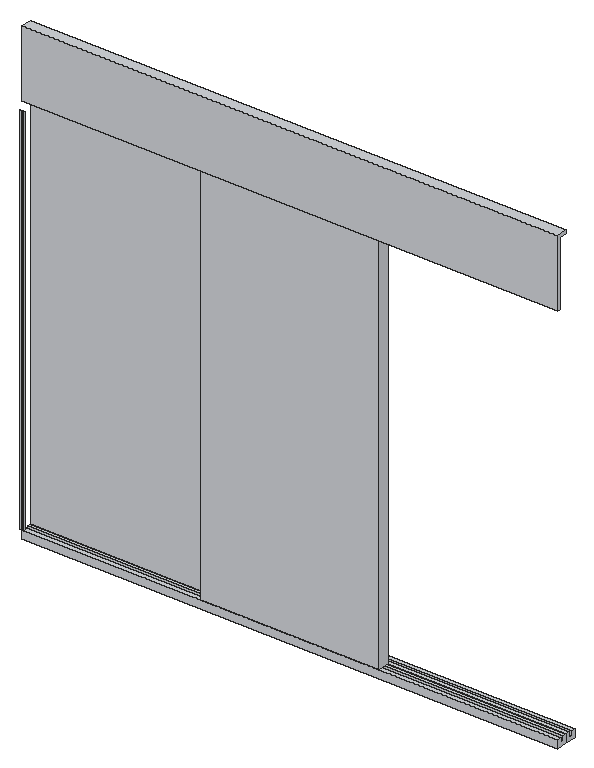
Revit family "Side Opening_2 Panels", category Generic Models, Revit 2021
Family settings
  Can host rebar = No
  Round Connector Dimension = Use Diameter
  Part Type = Normal
  Work Plane-Based = No
  Always vertical = Yes
  Cut with Voids When Loaded = No
  Shared = No
  Room Calculation Point = No
Parameters
  track width = Door Width * 3  # 3000 mm
  sill-track width = (sill thickness - sill track gap) / 2  # 22 mm
  sill track gap = 16 mm
  sill thickness = 60 mm
  header width = track width  # 3000 mm
  header thickness = 60 mm
  header frame thickness = 20 mm
  framing width = 12 mm
  frame thickness = 61 mm
  door thickness = 60 mm
  Photocell = yes
  OperationType = "Not vertically Sliding, side opening"
  Number of Panels = 2
  Mechanical Safety Edge = yes
  Light Curtain/Photocell Model = "Bca888"
  Light Curtain/Photocell Brand = "BCA"
  Light Curtain = yes
  DoorLockOpenableFromPit = yes
  Door Width = 1000 mm
  Door Height = 2150 mm
  Default Elevation = 0 mm
  Car Door Operator Model = "BCA44"
  Car Door Operator Brand = "BCA"
Reference planes
  plane 1 "Center (Front/Back)": y = 0
  plane 2: z = 0
  plane 3 "Center (Left/Right)": x = 0
Forms (mm)
  Extrusion 1, solid
    sketch origin (0, 0, 0) x (0, 1, 0) y (0, 0, 1)
      loop
        line (0, 0) -> (0, -45) -> (60, -45) -> (60, 0) -> (38, 0) -> (38, -23.462) -> (22, -23.462) -> (22, 0) -> (0, 0)
    from 0 to 3000
  Extrusion 2, solid
    sketch origin (0, 0, 0) x (1, 0, 0) y (0, 0, 1)
      loop
        line (0, 0) -> (1000, 0) -> (1000, 2150) -> (0, 2150) -> (0, 0)
    from -60 to -120
  Extrusion 3, solid
    sketch origin (0, 0, 0) x (1, 0, 0) y (0, 0, 1)
      loop
        line (0, 2100) -> (0, 0) -> (12, 0) -> (12, 2100) -> (0, 2100)
    from 0 to 1
  Extrusion 4, solid
    sketch origin (0, 0, 0) x (-1, 0, 0) y (0, 0, -1)
      loop
        line (0, -2100) -> (12, -2100) -> (12, 0) -> (0, 0) -> (0, -2100)
    from 0 to 1
  Extrusion 5, solid
    sketch origin (0, 0, 0) x (0, 1, 0) y (0, 0, 1)
      loop
        line (-1, 2150) -> (19, 2150) -> (19, 2510) -> (59, 2510) -> (59, 2530) -> (-1, 2530) -> (-1, 2150)
    from 0 to 3000
  Extrusion 6, solid
    sketch origin (0, 62.5, 0) x (0, 1, 0) y (0, 0, 1)
      loop
        line (-2.5, 0) -> (-2.5, -45) -> (57.5, -45) -> (57.5, 0) -> (35.5, 0) -> (35.5, -23.462) -> (19.5, -23.462) -> (19.5, 0) -> (-2.5, 0)
    from 0 to 3000
  Extrusion 7, solid
    sketch origin (835, 0, 0) x (1, 0, 0) y (0, 0, 1)
      loop
        line (165, 0) -> (1165, 0) -> (1165, 2150) -> (165, 2150) -> (165, 0)
    from 0 to -60
Dimensions and locks
  "sill thickness": Extrusion 1 to Extrusion 1
  "sill track gap": Extrusion 1 to Extrusion 1
  "sill-track width": Extrusion 1 to Extrusion 1
  Extrusion 1 to Extrusion 1 = 22 mm
  "Door Height": Extrusion 2 to Extrusion 2
  "Door Width": Extrusion 2 to Extrusion 2
  "framing width": Extrusion 3 to Extrusion 3
  "framing width": Extrusion 4 to Extrusion 4
  "header frame thickness": Extrusion 5 to Extrusion 5  (x2)
  "header thickness": Extrusion 5 to Extrusion 5
  "track width": Extrusion 1 to Extrusion 1
  "header width": Extrusion 5 to Extrusion 5
  Extrusion 6 to Extrusion 6 = 3000 mm
  "sill thickness": Extrusion 6 to plane 1 "Center (Front/Back)"
  "sill thickness": Extrusion 6 to Extrusion 6
  "sill track gap": Extrusion 6 to Extrusion 6
  "sill-track width": Extrusion 6 to Extrusion 6
  "Door Width": Extrusion 7 to Extrusion 7
  "track width": Extrusion 6 to Extrusion 6
  "Door Width": Extrusion 4 to Extrusion 7
  "Door Height": Extrusion 7 to Extrusion 7
  "Door Height": Extrusion 5 to Extrusion 1
  aligned and locked: level to plane 2
  aligned and locked: plane 1 "Center (Front/Back)" to Extrusion 1
Automatic sketch dimensions
  Extrusion 1 sketch curve to level = 0 mm  (x2)
  Extrusion 1 sketch curve to plane 1 "Center (Front/Back)" = 0 mm
  Extrusion 1 sketch curve to Extrusion 1 sketch curve = 22 mm  (x2)
  Extrusion 1 sketch curve to Extrusion 1 sketch curve = 16 mm
  Extrusion 1 sketch curve to level = 23.462 mm
  Extrusion 1 sketch curve to Extrusion 1 sketch curve = 21.538 mm
  Extrusion 2 sketch curve to plane 3 "Center (Left/Right)" = 0 mm
  Extrusion 2 sketch curve to level = 0 mm
  plane 3 "Center (Left/Right)" to Extrusion 2 sketch curve = 1000 mm
  level to Extrusion 2 sketch curve = 2150 mm
  Extrusion 3 sketch curve to plane 3 "Center (Left/Right)" = 0 mm
  Extrusion 3 sketch curve to level = 0 mm
  plane 3 "Center (Left/Right)" to Extrusion 3 sketch curve = 12 mm
  level to Extrusion 3 sketch curve = 2100 mm
  Extrusion 4 sketch curve to plane 3 "Center (Left/Right)" = 0 mm
  Extrusion 4 sketch curve to level = 0 mm
  Extrusion 4 sketch curve to Extrusion 4 sketch curve = 12 mm
  level to Extrusion 4 sketch curve = 2100 mm
  plane 1 "Center (Front/Back)" to Extrusion 5 sketch curve = 1 mm
  Extrusion 5 sketch curve to plane 1 "Center (Front/Back)" = 19 mm
  Extrusion 5 sketch curve to Extrusion 5 sketch curve = 40 mm
  level to Extrusion 5 sketch curve = 2150 mm
  Extrusion 5 sketch curve to Extrusion 5 sketch curve = 360 mm
  Extrusion 5 sketch curve to Extrusion 5 sketch curve = 20 mm
  Extrusion 6 sketch curve to level = 0 mm  (x2)
  Extrusion 6 sketch curve to plane 1 "Center (Front/Back)" = 60 mm
  Extrusion 6 sketch curve to Extrusion 6 sketch curve = 22 mm  (x2)
  Extrusion 6 sketch curve to Extrusion 6 sketch curve = 16 mm
  Extrusion 6 sketch curve to Extrusion 6 sketch curve = 23.462 mm
  Extrusion 6 sketch curve to Extrusion 6 sketch curve = 21.538 mm
  Extrusion 7 sketch curve to level = 0 mm
  plane 3 "Center (Left/Right)" to Extrusion 7 sketch curve = 1000 mm
  Extrusion 7 sketch curve to Extrusion 7 sketch curve = 1000 mm
  level to Extrusion 7 sketch curve = 2150 mm
